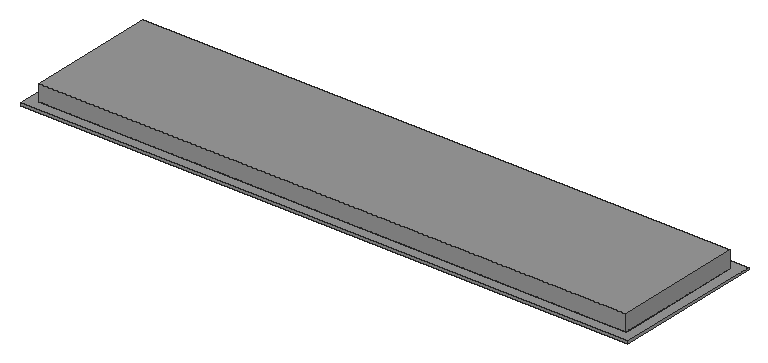
Revit family "63_UN_LED Panel_Backlit Panel 30x120_Natec", category Lighting Fixtures, Revit 2019
Family settings
  Round Connector Dimension = Use Diameter
  Part Type = Normal
  OmniClass Number = 23.80.70.11.14.11
  OmniClass Title = Downlights
  Work Plane-Based = No
  Always vertical = Yes
  Cut with Voids When Loaded = No
  Light Source = Yes
  Shared = No
  Room Calculation Point = Yes
Parameters (values of type "8069-0098 30x120 3000K UGR19")
  Wattage Comments = "28.7W"
  Wattage = 25.1781 W
  built-in parameter 1150110 = 1 (stored number, unit not read)
  Voltage = 230 V
  URL = "https://nateclighting.nl/"
  Type Comments = "30x120"
  built-in parameter 1114217 = 1 (stored number, unit not read)
  Tilt Angle = 90.00°
  built-in parameter 1150109 = 1 (stored number, unit not read)
  built-in parameter 1150134 = (empty or 0)
  Symbol_ToScale [instance] = not(Symbol_RealSize)  # no
  Symbol_RealSize [instance] = yes
  Switch Code [instance] = ""
  built-in parameter 1150113 = 1 (stored number, unit not read)
  Photometric Web File = "8069-0099 30x120 3000K UGR19.IES"
  Model = "Backlit Panel"
  Manufacturer = "Natec Lighting"
  built-in parameter 1150105 = 1869.6 (stored number, unit not read)
  Luminous Flux (lm) = 3740 lm
  Lumens = 3740 lm
  built-in parameter 1150115 = 1 (stored number, unit not read)
  Luminaire Code [instance] = ""
  built-in parameter 1150137 = (empty or 0)
  built-in parameter 1150139 = (empty or 0)
  built-in parameter 1150112 = 1 (stored number, unit not read)
  built-in parameter 1150114 = 1 (stored number, unit not read)
  Lamp = "LED"
  LED Panel = yes
  L3 = 20 mm
  L2 = 295 mm
  L1 = 1195 mm
  built-in parameter 1150132 = 2
  built-in parameter 1150102 = (empty or 0)
  built-in parameter 1150107 = 3000 (stored number, unit not read)
  built-in parameter 1150138 = (empty or 0)
  built-in parameter 1150106 = 18.696 (stored number, unit not read)
  IfcExportType = "USERDEFINED"
  IfcExportAs = "IfcLightFixtureType"
  Housing_Material = Laminate, White
  H1 = 32 mm
  built-in parameter 1150104 = 13.8 (stored number, unit not read)
  Dimming Lamp Color Temperature Shift = <None>
  Description = ""
  Content Creator® = "www.ivlibrary.com"
  Color Filter = 16777215
  Calc_L2_Symbol = L2 / 100  # 2.95 mm
  Calc_L1_Symbol = L1 / 100  # 11.95 mm
  built-in parameter 1114218 = 1 (stored number, unit not read)
  built-in parameter 1150133 = 10 (stored number, unit not read)
  Assembly Code = "63.0"
  Apparent Load = 28.7 VA
Types (2, lengths in mm): name | Wattage Comments | Wattage | built-in parameter 1150134 | Photometric Web File | built-in parameter 1150105 | Luminous Flux (lm) | Lumens | built-in parameter 1150107 | built-in parameter 1150106 | Apparent Load
  8069-0098 30x120 4000K UGR19 | "28.5W" | 25.03 W | 12 | "8069-0098 30x120 4000K UGR19.IES" | 1858.7 (stored number, unit not read) | 3718 lm | 3718 lm | 4000 (stored number, unit not read) | 18.587 (stored number, unit not read) | 28.5 VA
  8069-0098 30x120 3000K UGR19 | "28.7W" | 25.1781 W | (empty or 0) | "8069-0099 30x120 3000K UGR19.IES" | 1869.6 (stored number, unit not read) | 3740 lm | 3740 lm | 3000 (stored number, unit not read) | 18.696 (stored number, unit not read) | 28.7 VA
Reference planes
  plane 1 "Center (Front/Back)": y = 0
  plane 2: z = 0
  plane 3 "Center (Left/Right)": x = 0
  plane 4: x = -577.5
  plane 5: x = 577.5
  plane 6: y = 127.5
  plane 7: y = -127.5
  plane 8: x = -597.5
  plane 9: x = 597.5
  plane 10: y = -147.5
  plane 11: y = 147.5
Forms (mm)
  Extrusion 1, solid, material "Laminate, White" <- "Housing_Material"
    sketch origin (0, 0, 0) x (1, 0, 0) y (0, 1, 0)
      loop
        line (-577.5, 127.5) -> (-577.5, -127.5) -> (577.5, -127.5) -> (577.5, 127.5) -> (-577.5, 127.5)
    from 0 to 32 <- "H1"
  Extrusion 2, solid, material "Glass, White, High Luminance"
    sketch origin (0, 0, 0) x (1, 0, 0) y (0, 1, 0)
      loop
        line (-577.5, 127.5) -> (-577.5, -127.5) -> (577.5, -127.5) -> (577.5, 127.5) -> (-577.5, 127.5)
    from 0 to -1
  Extrusion 3, solid, material "Laminate, White" <- "Housing_Material"
    sketch origin (0, 0, 0) x (1, 0, 0) y (0, 1, 0)
      loop
        line (-577.5, 127.5) -> (-577.5, -127.5) -> (577.5, -127.5) -> (577.5, 127.5) -> (-577.5, 127.5)
      loop
        line (-597.5, -147.5) -> (597.5, -147.5) -> (597.5, 147.5) -> (-597.5, 147.5) -> (-597.5, -147.5)
    from 0 to -5
Lines and regions (mm)
  symbolic lines, visible <- "Symbol_RealSize"
    curve 1: line (-597.5, -147.5, 0) -> (597.5, -147.5, 0)
    curve 2: line (-597.5, 147.5, 0) -> (-597.5, -147.5, 0)
    curve 3: line (597.5, 147.5, 0) -> (-597.5, 147.5, 0)
    curve 4: line (597.5, -147.5, 0) -> (597.5, 147.5, 0)
Dimensions and locks
  equal spacing: plane 11, plane 1 "Center (Front/Back)", plane 10
  equal spacing: plane 8, plane 3 "Center (Left/Right)", plane 9
  "L1": plane 8 to plane 9
  "L2": plane 11 to plane 10
  "H1": Extrusion 1 to level
  "L3": plane 8 to plane 4
  "L3": plane 5 to plane 9
  "L3": plane 6 to plane 11
  "L3": plane 7 to plane 10
  aligned and locked: level to plane 2
  aligned and locked: Extrusion 1 sketch curve to plane 6
  aligned and locked: plane 4 to Extrusion 1 sketch curve
  aligned and locked: plane 7 to Extrusion 1 sketch curve
  aligned and locked: plane 5 to Extrusion 1 sketch curve
  aligned and locked: Extrusion 2 sketch curve to Extrusion 1  (x4)
  aligned and locked: plane 11 to Extrusion 3
  aligned and locked: plane 9 to Extrusion 3
  aligned and locked: plane 10 to Extrusion 3
  aligned and locked: plane 8 to Extrusion 3
  aligned and locked: plane 9 to Extrusion 3 sketch curve
  aligned and locked: plane 10 to Extrusion 3 sketch curve
  aligned and locked: plane 8 to Extrusion 3 sketch curve
  aligned and locked: plane 11 to Extrusion 3 sketch curve
  aligned and locked: plane 5 to Extrusion 3 sketch curve
  aligned and locked: Extrusion 3 sketch curve to plane 6
  aligned and locked: plane 4 to Extrusion 3 sketch curve
  aligned and locked: plane 7 to Extrusion 3 sketch curve
Automatic sketch dimensions
  curve 3 to plane 8 = 0 mm
  curve 1 to plane 9 = 0 mm
  curve 2 to plane 10 = 0 mm
  plane 11 to curve 2 = 0 mm
Nested families
  nested 1: "Parametric LED Panel Symbol" at (0, 0, 0), L1 <- "Calc_L1_Symbol", L2 <- "Calc_L2_Symbol", visible <- "Symbol_ToScale", type "Parametric LED Panel Symbol"
    with L2 2.95 mm, L1 11.95 mm
Connectors
  electrical at (0, 0, 0), driven by "Voltage", driven by "Apparent Load"
    settings: index 1, voltage 230 V, apparent load 0 VA, apparent load phase1 28.7 VA, apparent load phase2 0 VA, apparent load phase3 0 VA, power factor 1, load classification "Lighting", number of poles 1, system type 31, power factor state 1, is connector primary yes, connector utility no, sub classification motor no, connector description ""
Definition of nested family "Parametric LED Panel Symbol"
  Parameters (values of type "Parametric LED Panel Symbol")
    L2 [instance] = 4.484 mm
    L1 [instance] = 6.437 mm
  Reference planes
    plane 1: y = 0
    plane 2: x = 0
  Lines and regions (mm)
    detail lines
      curve 1: line (-3.219, 2.242, 0) -> (3.219, 2.242, 0)
      curve 2: line (-3.219, -2.242, 0) -> (-3.219, 2.242, 0)
      curve 3: line (3.219, -2.242, 0) -> (-3.219, -2.242, 0)
      curve 4: line (3.219, 2.242, 0) -> (3.219, -2.242, 0)
  Dimensions and locks
    equal spacing: curve 2, plane 2, curve 4
    equal spacing: curve 3, plane 1, curve 1
    "L1": curve 2 to curve 4
    "L2": curve 3 to curve 1
